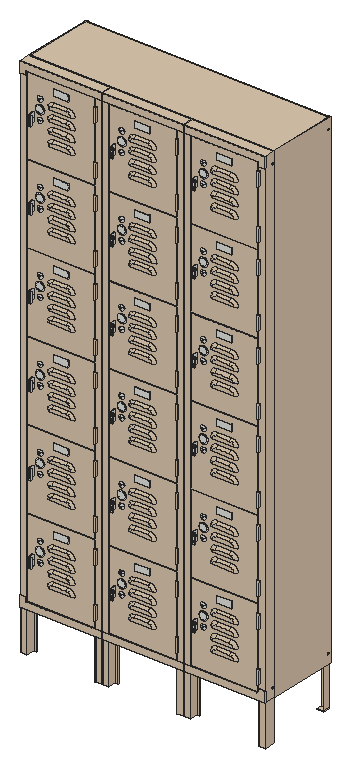
Revit family "Metal_Lockers-Salsbury_Industries-65000_66000_Series-3_Wide_Units", category Specialty Equipment, Revit 2023 (continued)
Definition of nested family "Metal Locker Zee Base - 3 Wide"
  Automatic sketch dimensions
    Extrusion 3 sketch curve to plane 17 "Back Edge of Rear Legs" = 0.060"
    Extrusion 3 sketch curve to plane 19 "Left Edge or Rear Left Leg" = 0.060"
    plane 17 "Back Edge of Rear Legs" to Extrusion 4 sketch curve = 0.000"
    Extrusion 4 sketch curve to plane 19 "Left Edge or Rear Left Leg" = 0.000"
    plane 20 to Extrusion 4 sketch curve = 0.000"
    Extrusion 4 sketch curve to plane 22 "Inside Edge or Left Rear Leg" = 0.000"
    Extrusion 5 sketch curve to plane 9 "Front of Unit" = 0.000"
    Extrusion 5 sketch curve to level = 0.000"
    Extrusion 5 sketch curve to plane 13 "Back Edge of Front Facing" = 0.000"
    plane 5 "Bottom of Unit" to Extrusion 5 sketch curve = 0.000"
    Extrusion 5 sketch curve to plane 13 "Back Edge of Front Facing" = 0.060"
    Extrusion 5 sketch curve to Extrusion 5 sketch curve = 1.588"
    level to Extrusion 5 sketch curve = 0.060"
    plane 5 "Bottom of Unit" to Extrusion 5 sketch curve = 0.060"
Definition of nested family "Metal Locker Zee Base-Right Side"
  Parameters (values of type "77578 Right - 18" D")
    Width including Rivet [instance] = 1.290"
    Visible = yes
    Primary Structure Material = none
    Depth = 16.362"
    Version = "1.0 (11/30/15)"
    Type Comments = "Zee Base Kit for Standard Metal Lockers - No Legs"
    Model = "77578"
    MasterFormat Title = ""
    MasterFormat Number = ""
    Manufacturer = "Salsbury Industries"
    Description = "4\" H x 6' L - for 12\" Deep Lockers (Includes 6 Foot Front Base, 2 End Bases, Corner Splicer and 4 Rear Legs)"
    Width = 4.000"
    Height = 4.000"
    Default Elevation = 0.000"
    Assembly Code = ""
  Types (4): name | Visible | Depth | Type Comments | Model | Description
    77572 Right - 12" D | yes | 10.362" | "Zee Base Kit for Standard Metal Lockers - No Legs" | "77572" | "4\" H x 6' L - for 12\" Deep Lockers (Includes 6 Foot Front Base, 2 End Bases, Corner Splicer and 4 Rear Legs)"
    77575 Right - 15" D | yes | 13.362" | "Zee Base Kit for Standard Metal Lockers - No Legs" | "77575" | "4\" H x 6' L - for 12\" Deep Lockers (Includes 6 Foot Front Base, 2 End Bases, Corner Splicer and 4 Rear Legs)"
    77578 Right - 18" D | yes | 16.362" | "Zee Base Kit for Standard Metal Lockers - No Legs" | "77578" | "4\" H x 6' L - for 12\" Deep Lockers (Includes 6 Foot Front Base, 2 End Bases, Corner Splicer and 4 Rear Legs)"
    None | no | 10.362" | "End Base for Standard Metal Lockers" | "" | ""
  Reference planes (in)
    plane 1 "Center (Front/Back)": y = 0
    plane 2: z = 0
    plane 3 "Center (Left/Right)": x = 3.99
    plane 4 "Floor": z = 0
    plane 5 "Top of Enclosure": z = 4
    plane 6 "Left Edge of Insert": x = 4.77
    plane 7 "Right Side of Unit": x = 5.99
    plane 8 "Left Edge of Enclosure": y = -8.181
    plane 9 "Right Edge of Enclosure": y = 8.181
    plane 10 "Bottom Edge of Enclosure": z = 0.06
    plane 11 "Left Edge of Base": x = 1.99
  Forms (in)
    Extrusion 1, solid, material <- "Primary Structure Material", visible <- "Visible"
      sketch origin (5.99, 0, 0) x (0, 0, -1) y (0, -1, 0)
        loop
          line (-4, 6.93967) -> (-4, -6.931) -> (-3.94, -6.931) -> (-3.94, 6.93967) -> (-4, 6.93967)
      from 0.06 to 1.22
    Extrusion 2, solid, material <- "Primary Structure Material", visible <- "Visible"
      sketch origin (0, 0, 0) x (0, -1, 0) y (1, 0, 0)
        loop
          line (-8.181, 1.99) -> (-8.121, 1.99) -> (-8.121, 5.93) -> (8.121, 5.93) -> (8.121, 1.99) -> (8.181, 1.99) -> (8.181, 5.99) -> (-8.181, 5.99) -> (-8.181, 1.99)
      from 0.06 to 4
  Dimensions and locks (in)
    "Height": plane 5 "Top of Enclosure" to plane 4 "Floor"
    equal spacing: plane 8 "Left Edge of Enclosure", plane 1 "Center (Front/Back)", plane 9 "Right Edge of Enclosure"
    "Depth": plane 8 "Left Edge of Enclosure" to plane 9 "Right Edge of Enclosure"
    "Width": plane 11 "Left Edge of Base" to plane 7 "Right Side of Unit"
    equal spacing: plane 11 "Left Edge of Base", plane 3 "Center (Left/Right)", plane 7 "Right Side of Unit"
    locked: plane 4 "Floor" to plane 10 "Bottom Edge of Enclosure" at 0.06
    aligned and locked: level to plane 2
    aligned and locked: plane 6 "Left Edge of Insert" to Extrusion 1
    aligned and locked: Extrusion 2 to plane 9 "Right Edge of Enclosure"
    aligned and locked: Extrusion 2 to plane 10 "Bottom Edge of Enclosure"
    aligned and locked: plane 11 "Left Edge of Base" to Extrusion 2
  Automatic sketch dimensions
    plane 5 "Top of Enclosure" to Extrusion 1 sketch curve = 0.000"
    Extrusion 1 sketch curve to Extrusion 1 sketch curve = 0.060"
    plane 9 "Right Edge of Enclosure" to Extrusion 1 sketch curve = 1.250"
    Extrusion 1 sketch curve to plane 8 "Left Edge of Enclosure" = 1.24133"
    Extrusion 2 sketch curve to plane 7 "Right Side of Unit" = 0.000"
    plane 9 "Right Edge of Enclosure" to Extrusion 2 sketch curve = 0.000"
    plane 6 "Left Edge of Insert" to Extrusion 2 sketch curve = 2.780"  (x2)
    Extrusion 2 sketch curve to Extrusion 2 sketch curve = 0.060"
    plane 7 "Right Side of Unit" to Extrusion 2 sketch curve = 0.060"
    Extrusion 2 sketch curve to plane 8 "Left Edge of Enclosure" = 0.060"
    Extrusion 2 sketch curve to plane 8 "Left Edge of Enclosure" = 0.000"
Definition of nested family "Metal Locker Zee Base-Left Side"
  Parameters (values of type "77572 Left - 12" D")
    Width including Rivet [instance] = 1.290"
    Visible = yes
    Primary Structure Material = none
    Depth = 10.362"
    Version = "1.0 (11/30/15)"
    Type Comments = "Zee Base Kit for Standard Metal Lockers - No Legs"
    Model = "77572"
    MasterFormat Title = ""
    MasterFormat Number = ""
    Manufacturer = "Salsbury Industries"
    Description = "4\" H x 6' L - for 12\" Deep Lockers (Includes 6 Foot Front Base, 2 End Bases, Corner Splicer and 4 Rear Legs)"
    Width = 4.000"
    Height = 4.000"
    Default Elevation = 0.000"
    Assembly Code = ""
  Types (4): name | Visible | Depth | Type Comments | Model | Description
    77572 Left - 12" D | yes | 10.362" | "Zee Base Kit for Standard Metal Lockers - No Legs" | "77572" | "4\" H x 6' L - for 12\" Deep Lockers (Includes 6 Foot Front Base, 2 End Bases, Corner Splicer and 4 Rear Legs)"
    77575 Left - 15" D | yes | 13.362" | "Zee Base Kit for Standard Metal Lockers - No Legs" | "77575" | "4\" H x 6' L - for 12\" Deep Lockers (Includes 6 Foot Front Base, 2 End Bases, Corner Splicer and 4 Rear Legs)"
    77578 Left- 18" D | yes | 16.362" | "Zee Base Kit for Standard Metal Lockers - No Legs" | "77578" | "4\" H x 6' L - for 12\" Deep Lockers (Includes 6 Foot Front Base, 2 End Bases, Corner Splicer and 4 Rear Legs)"
    None | no | 10.362" | "End Base for Standard Metal Lockers" | "" | ""
  Reference planes (in)
    plane 1 "Center (Front/Back)": y = 0
    plane 2: z = 0
    plane 3 "Center (Left/Right)": x = 3.99
    plane 4 "Floor": z = 0
    plane 5 "Top of Enclosure": z = 4
    plane 6 "Right Side of Unit": x = 5.99
    plane 7 "Left Edge of Enclosure": y = -5.181
    plane 8 "Right Edge of Enclosure": y = 5.181
    plane 9 "Bottom Edge of Enclosure": z = 0.06
    plane 10 "Left Edge of Base": x = 1.99
    plane 11 "Right Edge of Inser": x = 3.21
  Forms (in)
    Extrusion 1, solid, material <- "Primary Structure Material", visible <- "Visible"
      sketch origin (7.98, 0, 0) x (0, -1, 0) y (1, 0, 0)
        loop
          line (-5.181, -1.99) -> (-5.181, -5.99) -> (5.181, -5.99) -> (5.181, -1.99) -> (5.121, -1.99) -> (5.121, -5.93) -> (-5.121, -5.93) -> (-5.121, -1.99) -> (-5.181, -1.99)
      from 0.06 to 4
    Extrusion 2, solid, material <- "Primary Structure Material", visible <- "Visible"
      sketch origin (1.99, 0, 0) x (0, 0, -1) y (0, 1, 0)
        loop
          line (-4, -3.93967) -> (-3.94, -3.93967) -> (-3.94, 3.931) -> (-4, 3.931) -> (-4, -3.93967)
      from 0.06 to 1.22
  Dimensions and locks (in)
    "Height": plane 5 "Top of Enclosure" to plane 4 "Floor"
    equal spacing: plane 7 "Left Edge of Enclosure", plane 1 "Center (Front/Back)", plane 8 "Right Edge of Enclosure"
    "Depth": plane 7 "Left Edge of Enclosure" to plane 8 "Right Edge of Enclosure"
    "Width": plane 10 "Left Edge of Base" to plane 6 "Right Side of Unit"
    equal spacing: plane 10 "Left Edge of Base", plane 3 "Center (Left/Right)", plane 6 "Right Side of Unit"
    locked: plane 4 "Floor" to plane 9 "Bottom Edge of Enclosure" at 0.06
    aligned and locked: level to plane 2
    aligned and locked: plane 10 "Left Edge of Base" to Extrusion 1
  Automatic sketch dimensions
    plane 8 "Right Edge of Enclosure" to Extrusion 1 sketch curve = 0.000"
    Extrusion 1 sketch curve to plane 6 "Right Side of Unit" = 0.000"  (x2)
    plane 7 "Left Edge of Enclosure" to Extrusion 1 sketch curve = 0.000"
    Extrusion 1 sketch curve to plane 10 "Left Edge of Base" = 0.000"
    Extrusion 1 sketch curve to Extrusion 1 sketch curve = 0.060"
    plane 7 "Left Edge of Enclosure" to Extrusion 1 sketch curve = 0.060"
    plane 10 "Left Edge of Base" to Extrusion 1 sketch curve = 0.060"
    plane 5 "Top of Enclosure" to Extrusion 2 sketch curve = 0.000"
    Extrusion 2 sketch curve to Extrusion 2 sketch curve = 0.060"
    Extrusion 2 sketch curve to plane 7 "Left Edge of Enclosure" = 1.24133"
    plane 8 "Right Edge of Enclosure" to Extrusion 2 sketch curve = 1.250"
Definition of nested family "Metal Locker Zee Base Corner"
  Parameters (values of type "77572, 77575, 77578")
    Width = 2.000"
    Visible = yes
    Version = "1.0 (11/30/15)"
    Type Comments = "Zee Base Kit for Standard Metal Lockers - No Legs"
    Primary Structure Material = none
    Model = "n/a"
    Manufacturer = "Salsbury Industries"
    Height = 3.940"
    Description = "4\" H x 6' L - for 12\" Deep Lockers (Includes 6 Foot Front Base, 2 End Bases, Corner Splicer and 4 Rear Legs)"
    Depth = 2.000"
    Default Elevation = 0.000"
  Types (2): name | Visible
    77572, 77575, 77578 | yes
    None | no
  Reference planes (in)
    plane 1 "Center (Front/Back)": y = 0
    plane 2 "Bottom of Component": z = 0
    plane 3 "Center (Left/Right)": x = 0
    plane 4: z = 3.94
    plane 5: x = -1
    plane 6: x = 1
    plane 7 "Front": y = -1
    plane 8 "Back": y = 1
  Forms (in)
    Extrusion 1, solid, material <- "Primary Structure Material", visible <- "Visible"
      sketch origin (0, 0, 0) x (1, 0, 0) y (0, 1, 0)
        loop
          line (-1, 1) -> (-1, 0.94) -> (0.94, 0.94) -> (0.94, -1) -> (1, -1) -> (1, 1) -> (-1, 1)
      from 0 to 3.94
  Dimensions and locks (in)
    "Height": plane 4 to plane 2 "Bottom of Component"
    equal spacing: plane 5, plane 3 "Center (Left/Right)", plane 6
    "Width": plane 5 to plane 6
    equal spacing: plane 7 "Front", plane 1 "Center (Front/Back)", plane 8 "Back"
    "Depth": plane 7 "Front" to plane 8 "Back"
    aligned and locked: plane 2 "Bottom of Component" to level
  Automatic sketch dimensions
    Extrusion 1 sketch curve to plane 5 = 0.000"
    plane 7 "Front" to Extrusion 1 sketch curve = 0.000"
    Extrusion 1 sketch curve to plane 6 = 0.000"
    plane 8 "Back" to Extrusion 1 sketch curve = 0.000"
    plane 6 to Extrusion 1 sketch curve = 0.060"
    Extrusion 1 sketch curve to Extrusion 1 sketch curve = 0.060"
Definition of nested family "Metal Locker End Panel"
  Parameters (values of type "77362 - for 6' H x 12" D Lockers")
    Width = 0.925"
    Visible = yes
    Version = "1.0 (11/30/15)"
    Type Comments = "Finished End Panel for Standard Metal Lockers"
    Primary Structure Material = none
    Model = "77362"
    MasterFormat Title = ""
    MasterFormat Number = ""
    Manufacturer = "Salsbury Industries"
    Height = 72.000"
    Description = "End Panel for 6' H x 12\" Deep Lockers"
    Depth = 12.010"
    Default Elevation = 0.000"
    Assembly Code = ""
  Types (7): name | Visible | Model | Height | Description | Depth
    77362 - for 6' H x 12" D Lockers | yes | "77362" | 72.000" | "End Panel for 6' H x 12\" Deep Lockers" | 12.010"
    77365 - for 6' H x 15" D Lockers | yes | "77365" | 72.000" | "End Panel for 6' H x 15\" Deep Lockers" | 15.010"
    77368 - for 6' H X 18" D Lockers | yes | "77368" | 72.000" | "End Panel for 6' H x 18\" Deep Lockers" | 18.010"
    77352 - for 5' H x 12" D Lockers | yes | "77352" | 60.000" | "End Panel for 5' H x 12\" Deep Lockers" | 12.010"
    77355 - for 5' H x 15" D Lockers | yes | "77355" | 60.000" | "End Panel for 5' H x 15\" Deep Lockers" | 15.010"
    77358 - for 5' H x 18" D Lockers | yes | "77358" | 60.000" | "End Panel for 5' H x 18\" Deep Lockers" | 18.010"
    None | no | "n/a" | 72.000" | "" | 12.010"
  Reference planes (in)
    plane 1 "Center (Front/Back)": y = -2.167
    plane 2: z = 0
    plane 3 "Center (Left/Right)": x = -4.595
    plane 4 "Bottom of Panel": z = 0
    plane 5 "Top of Panel": z = 72
    plane 6 "Front of Panel": y = -8.172
    plane 7 "Right Side of Enclosure": x = -4.1325
    plane 8 "Left Side of Enclosure": x = -5.0575
    plane 9 "Back of Panel": y = 3.838
    plane 10: z = 36
    plane 11: z = 70.283
    plane 12: z = 1.717
    plane 13 "Outside Edge of Front Flap": y = -8.23214
    plane 14 "Outside Edge of Back Flap": y = 3.898
  Forms (in)
    Extrusion 1, solid, material <- "Primary Structure Material", visible <- "Visible"
      sketch origin (-4.1325, 0.48244, 0) x (0, 0, -1) y (0, -1, 0)
        loop
          line (-72, 8.71458) -> (-72, -3.41556) -> (0, -3.41556) -> (0, 8.71458) -> (-72, 8.71458)
      from 0 to -0.06
    Extrusion 2, solid, material <- "Primary Structure Material", visible <- "Visible"
      sketch origin (0, 3.838, 0) x (0, 0, -1) y (1, 0, 0)
        loop
          line (-72, -5.0575) -> (0, -5.0575) -> (0, -4.1325) -> (-72, -4.1325) -> (-72, -5.0575)
      from 0 to -0.06
    Extrusion 3, solid, material <- "Primary Structure Material", visible <- "Visible"
      sketch origin (0, -8.172, 0) x (1, 0, 0) y (0, 0, 1)
        loop
          line (-5.0575, 70.283) -> (-5.0575, 1.717) -> (-4.1325, 1.717) -> (-4.1325, 70.283) -> (-5.0575, 70.283)
      from 0.06014 to 0
  Dimensions and locks (in)
    equal spacing: plane 6 "Front of Panel", plane 1 "Center (Front/Back)", plane 9 "Back of Panel"
    "Depth": plane 6 "Front of Panel" to plane 9 "Back of Panel"
    equal spacing: plane 8 "Left Side of Enclosure", plane 3 "Center (Left/Right)", plane 7 "Right Side of Enclosure"
    "Width": plane 8 "Left Side of Enclosure" to plane 7 "Right Side of Enclosure"
    equal spacing: plane 5 "Top of Panel", plane 10, plane 2
    "Height": plane 5 "Top of Panel" to plane 2
    locked: plane 5 "Top of Panel" to plane 11 at 1.717
    locked: plane 13 "Outside Edge of Front Flap" to plane 6 "Front of Panel" at 0.06014
    locked: plane 9 "Back of Panel" to plane 14 "Outside Edge of Back Flap" at 0.06
    aligned and locked: level to plane 2
    aligned and locked: plane 5 "Top of Panel" to Extrusion 1 sketch curve
    aligned and locked: plane 5 "Top of Panel" to Extrusion 2 sketch curve
    aligned and locked: Extrusion 2 to plane 9 "Back of Panel"
    aligned and locked: plane 11 to Extrusion 3 sketch curve
    aligned and locked: plane 6 "Front of Panel" to Extrusion 3
    aligned and locked: plane 14 "Outside Edge of Back Flap" to Extrusion 2
    aligned and locked: Extrusion 1 to plane 14 "Outside Edge of Back Flap"
    aligned and locked: plane 13 "Outside Edge of Front Flap" to Extrusion 3
    aligned and locked: Extrusion 2 to plane 7 "Right Side of Enclosure"
    aligned and locked: Extrusion 3 to plane 7 "Right Side of Enclosure"
  Automatic sketch dimensions
    Extrusion 1 sketch curve to level = 0.000"
    Extrusion 2 sketch curve to level = 0.000"
    plane 8 "Left Side of Enclosure" to Extrusion 2 sketch curve = 0.000"
    plane 7 "Right Side of Enclosure" to Extrusion 2 sketch curve = 0.000"
    plane 8 "Left Side of Enclosure" to Extrusion 3 sketch curve = 0.000"
    Extrusion 3 sketch curve to plane 12 = 0.000"
    plane 7 "Right Side of Enclosure" to Extrusion 3 sketch curve = 0.000"
    Extrusion 1 sketch curve to plane 14 "Outside Edge of Back Flap" = 0.000"
    plane 6 "Front of Panel" to Extrusion 1 sketch curve = 0.06014"
Definition of nested family "Metal Locker Front Filler"
  Parameters (values of type "77869 - for 6' H Lockers (Zee Base or No Legs)")
    Width = 9.000"
    Visible = yes
    Version = "1.0 (11/30/15)"
    Type Comments = "Vertical Front Filler for Standard Metal Lockers"
    Primary Structure Material = none
    Model = "77865"
    MasterFormat Title = ""
    MasterFormat Number = ""
    Manufacturer = "Salsbury Industries"
    Height = 72.000"
    Description = "9\" W Vertical Front Filler for 6' H Lockers"
    Depth = 1.500"
    Default Elevation = 0.000"
    Assembly Code = ""
  Types (9): name | Width | Visible | Model | Height | Description | Depth
    77865 - for 6' H Lockers with Legs | 15.000" | yes | "77865" | 78.000" | "15\" W Vertical Front Filler for 6' H Lockers" | 1.000"
    77869 - for 6' H Lockers with Legs | 9.000" | yes | "77865" | 78.000" | "9\" W Vertical Front Filler for 6' H Lockers" | 1.000"
    77855 - for 5' H Lockers with Legs | 15.000" | yes | "77855" | 66.000" | "15\" W Vertical Front Filler for 5' H Lockers" | 1.000"
    77859 - for 5' H Lockers with Legs | 9.000" | yes | "77859" | 66.000" | "9\" W Vertical Front Filler for 5' H Lockers" | 1.000"
    None | 15.000" | no | "n/a" | 78.000" | "" | 1.500"
    77865 - for 6' H Lockers (Zee Base or No Legs) | 15.000" | yes | "77865" | 72.000" | "15\" W Vertical Front Filler for 6' H Lockers" | 1.000"
    77869 - for 6' H Lockers (Zee Base or No Legs) | 9.000" | yes | "77865" | 72.000" | "9\" W Vertical Front Filler for 6' H Lockers" | 1.500"
    77859 - for 5' H Lockers (Zee Base or No Legs) | 9.000" | yes | "77859" | 60.000" | "9\" W Vertical Front Filler for 5' H Lockers" | 1.000"
    77855 - for 5' H Lockers (Zee Base or No Legs) | 15.000" | yes | "77855" | 60.000" | "15\" W Vertical Front Filler for 5' H Lockers" | 1.000"
  Reference planes (in)
    plane 1 "Center (Front/Back)": y = -2.167
    plane 2: z = 0
    plane 3 "Center (Left/Right)": x = -4.595
    plane 4 "Bottom of Filler": z = 0
    plane 5 "Top of Panel": z = 72
    plane 6 "Front of Filler": y = -2.917
    plane 7 "Right Side of Filler": x = -0.095
    plane 8 "Left Side of Filler": x = -9.095
    plane 9 "Back of Filler": y = -1.417
    plane 10: z = 36
  Forms (in)
    Extrusion 1, solid, material <- "Primary Structure Material", visible <- "Visible"
      sketch origin (0, 0, 0) x (0, -1, 0) y (1, 0, 0)
        loop
          line (1.417, -9.095) -> (2.917, -9.095) -> (2.917, -1.095) -> (2.869, -1.095) -> (2.869, -9.047) -> (1.417, -9.047) -> (1.417, -9.095)
      from 0 to 72
    Extrusion 2, solid, material <- "Primary Structure Material", visible <- "Visible"
      sketch origin (0, -0.20425, 0) x (0, -1, 0) y (1, 0, 0)
        loop
          line (1.30875, -0.095) -> (1.30875, -0.143) -> (2.76075, -0.143) -> (2.76075, -1.595) -> (2.80875, -1.595) -> (2.80875, -0.095) -> (1.30875, -0.095)
      from 0 to 72
    Extrusion 3, solid, material <- "Primary Structure Material", visible <- "Visible"
      sketch origin (0, 0.10825, 0) x (0, -1, 0) y (1, 0, 0)
        loop
          line (3.07325, -1.595) -> (3.07325, -0.82524) -> (3.02525, -0.82524) -> (3.02525, -1.376) -> (3.02525, -1.449) -> (3.02525, -1.522) -> (3.02525, -1.595) -> (3.07325, -1.595)
      from 0 to 72
    Extrusion 4, solid, material <- "Primary Structure Material", visible <- "Visible"
      sketch origin (0, 0, 0) x (0, -1, 0) y (1, 0, 0)
        loop
          line (2.917, -0.82524) -> (2.821, -0.82524) -> (2.821, -1.80024) -> (2.869, -1.80024) -> (2.869, -0.87324) -> (2.917, -0.87324) -> (2.917, -0.82524)
      from 0 to 72
  Dimensions and locks (in)
    equal spacing: plane 6 "Front of Filler", plane 1 "Center (Front/Back)", plane 9 "Back of Filler"
    "Depth": plane 6 "Front of Filler" to plane 9 "Back of Filler"
    equal spacing: plane 8 "Left Side of Filler", plane 3 "Center (Left/Right)", plane 7 "Right Side of Filler"
    "Width": plane 8 "Left Side of Filler" to plane 7 "Right Side of Filler"
    equal spacing: plane 5 "Top of Panel", plane 10, plane 2
    "Height": plane 5 "Top of Panel" to plane 2
    aligned and locked: level to plane 2
    aligned and locked: Extrusion 1 to plane 5 "Top of Panel"
    aligned and locked: Extrusion 2 to plane 5 "Top of Panel"
    aligned and locked: Extrusion 3 to plane 5 "Top of Panel"
    aligned and locked: Extrusion 4 to plane 5 "Top of Panel"
  Automatic sketch dimensions
    plane 9 "Back of Filler" to Extrusion 1 sketch curve = 0.000"
    plane 6 "Front of Filler" to Extrusion 1 sketch curve = 0.000"
    Extrusion 1 sketch curve to plane 8 "Left Side of Filler" = 0.000"
    Extrusion 1 sketch curve to plane 6 "Front of Filler" = 0.048"
    Extrusion 1 sketch curve to Extrusion 1 sketch curve = 0.048"
    plane 7 "Right Side of Filler" to Extrusion 1 sketch curve = 1.000"
    Extrusion 2 sketch curve to plane 7 "Right Side of Filler" = 0.000"
    plane 7 "Right Side of Filler" to Extrusion 2 sketch curve = 0.048"
    plane 9 "Back of Filler" to Extrusion 2 sketch curve = 0.096"
    plane 6 "Front of Filler" to Extrusion 2 sketch curve = 0.048"
    Extrusion 2 sketch curve to Extrusion 2 sketch curve = 0.048"
    Extrusion 2 sketch curve to Extrusion 2 sketch curve = 1.452"
    plane 6 "Front of Filler" to Extrusion 3 sketch curve = 0.000"
    plane 7 "Right Side of Filler" to Extrusion 3 sketch curve = 1.500"
    Extrusion 3 sketch curve to Extrusion 3 sketch curve = 0.073"  (x3)
    Extrusion 3 sketch curve to Extrusion 3 sketch curve = 0.55076"
    Extrusion 3 sketch curve to Extrusion 3 sketch curve = 0.048"
    plane 6 "Front of Filler" to Extrusion 4 sketch curve = 0.000"
    Extrusion 4 sketch curve to plane 6 "Front of Filler" = 0.048"
    Extrusion 4 sketch curve to Extrusion 4 sketch curve = 0.048"  (x2)
    plane 7 "Right Side of Filler" to Extrusion 4 sketch curve = 1.70524"
    plane 7 "Right Side of Filler" to Extrusion 4 sketch curve = 0.77824"
Definition of nested family "Metal Locker Flat Top Filler"
  Parameters (values of type "77842 - for 12" Deep Lockers (15" W)")
    Width = 16.250"
    Visible = yes
    Version = "1.0 (11/30/15)"
    Type Comments = "Flat Top Filler for Standard Metal Lockers"
    Primary Structure Material = none
    Model = "77842"
    MasterFormat Title = ""
    MasterFormat Number = ""
    Manufacturer = "Salsbury Industries"
    Height = 1.003"
    Description = "15\"W Flat Top In-Line Filler"
    Depth = 12.118"
    Default Elevation = 0.000"
    Assembly Code = ""
  Types (7): name | Width | Visible | Model | Depth
    77842 - for 12" Deep Lockers (15" W) | 16.250" | yes | "77842" | 12.118"
    77842 - for 12" Deep Lockers (9" W) | 10.250" | yes | "77842" | 12.118"
    77845 - for 15" Deep Lockers (15" W) | 16.250" | yes | "77845" | 15.118"
    77845 - for 15" Deep Lockers (9" W) | 10.250" | yes | "77845" | 15.118"
    77848 - for 18" Deep Lockers (15" W) | 16.250" | yes | "77848" | 18.118"
    77848 - for 18" Deep Lockers (9" W) | 10.250" | yes | "77848" | 18.118"
    None | 16.250" | no | "" | 12.118"
  Reference planes (in)
    plane 1 "Center (Front/Back)": y = -2.167
    plane 2: z = 0
    plane 3 "Center (Left/Right)": x = -4.595
    plane 4 "Bottom of Panel": z = 0
    plane 5 "Top of Panel": z = 1.003
    plane 6 "Front of Panel": y = -8.226
    plane 7 "Right Side of Enclosure": x = 3.53
    plane 8 "Left Side of Enclosure": x = -12.72
    plane 9 "Back of Panel": y = 3.892
    plane 10: z = 0.5015
  Forms (in)
    Extrusion 1, solid, material <- "Primary Structure Material", visible <- "Visible"
      sketch origin (-4.595, 0, 0) x (0, 1, 0) y (0, 0, 1)
        loop
          line (-8.226, 0) -> (-8.178, 0) -> (-8.178, 0.955) -> (3.892, 0.955) -> (3.892, 1.003) -> (-8.226, 1.003) -> (-8.226, 0)
      from -8.125 to 8.125
  Dimensions and locks (in)
    equal spacing: plane 6 "Front of Panel", plane 1 "Center (Front/Back)", plane 9 "Back of Panel"
    "Depth": plane 6 "Front of Panel" to plane 9 "Back of Panel"
    equal spacing: plane 8 "Left Side of Enclosure", plane 3 "Center (Left/Right)", plane 7 "Right Side of Enclosure"
    "Width": plane 8 "Left Side of Enclosure" to plane 7 "Right Side of Enclosure"
    equal spacing: plane 5 "Top of Panel", plane 10, plane 2
    "Height": plane 5 "Top of Panel" to plane 2
    aligned and locked: level to plane 2
    aligned and locked: Extrusion 1 to plane 7 "Right Side of Enclosure"
    aligned and locked: plane 8 "Left Side of Enclosure" to Extrusion 1
    aligned and locked: plane 6 "Front of Panel" to Extrusion 1
    aligned and locked: Extrusion 1 to plane 9 "Back of Panel"
  Automatic sketch dimensions
    plane 5 "Top of Panel" to Extrusion 1 sketch curve = 0.000"
    Extrusion 1 sketch curve to plane 6 "Front of Panel" = 0.000"
    Extrusion 1 sketch curve to level = 0.000"
    Extrusion 1 sketch curve to plane 9 "Back of Panel" = 0.000"
    Extrusion 1 sketch curve to plane 6 "Front of Panel" = 0.048"
    plane 5 "Top of Panel" to Extrusion 1 sketch curve = 0.048"
Definition of nested family "Metal Locker Flat Corner Filler"
  Parameters (values of type "77832 - for 12" Deep Lockers")
    Width = 12.625"
    Visible = yes
    Version = "1.0 (11/30/15)"
    Type Comments = "Flat Top Corner Filler for Standard Metal Lockers"
    Primary Structure Material = none
    Model = "77832"
    MasterFormat Title = ""
    MasterFormat Number = ""
    Manufacturer = "Salsbury Industries"
    Height = 0.048"
    Description = "12\"W Flat Top Corner Filler"
    Depth = 12.625"
    Default Elevation = 0.000"
    Assembly Code = ""
  Types (4): name | Width | Visible | Model | Description | Depth
    77832 - for 12" Deep Lockers | 12.625" | yes | "77832" | "12\"W Flat Top Corner Filler" | 12.625"
    77835 - for 15" Deep Lockers | 15.625" | yes | "77835" | "15\"W Flat Top Corner Filler" | 15.625"
    77838 - for 18" Deep Lockers | 18.625" | yes | "77838" | "18\"W Flat Top Corner Filler" | 18.625"
    None | 12.625" | no | "" | "" | 12.625"
  Reference planes (in)
    plane 1 "Center (Front/Back)": y = -2.167
    plane 2: z = 0
    plane 3 "Center (Left/Right)": x = -4.595
    plane 4 "Bottom of Panel": z = 0
    plane 5 "Top of Panel": z = 0.048
    plane 6 "Front of Panel": y = -8.4795
    plane 7 "Right Side of Enclosure": x = 1.7175
    plane 8 "Left Side of Enclosure": x = -10.9075
    plane 9 "Back of Panel": y = 4.1455
    plane 10: z = 0.024
  Forms (in)
    Extrusion 1, solid, material <- "Primary Structure Material", visible <- "Visible"
      sketch origin (0, 0, 0) x (0, -1, 0) y (1, 0, 0)
        loop
          line (7.8545, -10.9075) -> (7.8545, -10.2825) -> (8.4795, -10.2825) -> (8.4795, 1.7175) -> (-4.1455, 1.7175) -> (-4.1455, -10.9075) -> (7.8545, -10.9075)
      from 0 to 0.048
  Dimensions and locks (in)
    equal spacing: plane 6 "Front of Panel", plane 1 "Center (Front/Back)", plane 9 "Back of Panel"
    "Depth": plane 6 "Front of Panel" to plane 9 "Back of Panel"
    equal spacing: plane 8 "Left Side of Enclosure", plane 3 "Center (Left/Right)", plane 7 "Right Side of Enclosure"
    "Width": plane 8 "Left Side of Enclosure" to plane 7 "Right Side of Enclosure"
    equal spacing: plane 5 "Top of Panel", plane 10, plane 2
    "Height": plane 5 "Top of Panel" to plane 2
    aligned and locked: level to plane 2
    aligned and locked: Extrusion 1 to plane 9 "Back of Panel"
    aligned and locked: plane 6 "Front of Panel" to Extrusion 1
    aligned and locked: Extrusion 1 to plane 7 "Right Side of Enclosure"
    aligned and locked: plane 8 "Left Side of Enclosure" to Extrusion 1
  Automatic sketch dimensions
    Extrusion 1 sketch curve to plane 8 "Left Side of Enclosure" = 0.000"
    plane 9 "Back of Panel" to Extrusion 1 sketch curve = 0.000"
    plane 6 "Front of Panel" to Extrusion 1 sketch curve = 0.000"
    Extrusion 1 sketch curve to plane 7 "Right Side of Enclosure" = 0.000"
    Extrusion 1 sketch curve to plane 8 "Left Side of Enclosure" = 0.625"
    Extrusion 1 sketch curve to plane 6 "Front of Panel" = 0.625"
Definition of nested family "Metal Locker Sloping Top Filler"
  Parameters (values of type "77882 - for 12" Deep Lockers (15" W)")
    Width = 16.250"
    Visible = yes
    Version = "1.0 (11/30/15)"
    Type Comments = "Sloping Hood In-Line Filler for Standard Metal Lockers"
    Slope Angle = 28.761°
    Primary Structure Material = none
    Model = "77882"
    MasterFormat Title = ""
    MasterFormat Number = ""
    Manufacturer = "Salsbury Industries"
    Height = 1.003"
    Description = "15\"W Sloping Hood In-Line Filler"
    Depth = 12.118"
    Default Elevation = 0.000"
    Assembly Code = ""
  Types (7): name | Width | Visible | Type Comments | Slope Angle | Model | Description | Depth
    77882 - for 12" Deep Lockers (15" W) | 16.250" | yes | "Sloping Hood In-Line Filler for Standard Metal Lockers" | 28.761° | "77882" | "15\"W Sloping Hood In-Line Filler" | 12.118"
    77882 - for 12" Deep Lockers (9" W) | 10.250" | yes | "Sloping Hood In-Line Filler for Standard Metal Lockers" | 28.761° | "77882" | "15\"W Sloping Hood In-Line Filler" | 12.118"
    77885 - for 15" Deep Lockers (15" W) | 16.250" | yes | "Sloping Hood In-Line Filler for Standard Metal Lockers" | 29.946° | "77885" | "15\"W Sloping Hood In-Line Filler" | 15.118"
    77885 - for 15" Deep Lockers (9" W) | 10.250" | yes | "Sloping Hood In-Line Filler for Standard Metal Lockers" | 29.946° | "77885" | "15\"W Sloping Hood In-Line Filler" | 15.118"
    77888 - for 18" Deep Lockers (15" W) | 16.250" | yes | "Sloping Hood In-Line Filler for Standard Metal Lockers" | 30.723° | "77888" | "15\"W Sloping Hood In-Line Filler" | 18.118"
    77888 - for 18" Deep Lockers (9" W) | 10.250" | yes | "Sloping Hood In-Line Filler for Standard Metal Lockers" | 30.723° | "77888" | "15\"W Sloping Hood In-Line Filler" | 18.118"
    None | 16.250" | no | "Sloping Hood for Standard Metal Lockers" | 28.761° | "" | "" | 12.118"
  Reference planes (in)
    plane 1 "Center (Front/Back)": y = -2.167
    plane 2: z = 0
    plane 3 "Center (Left/Right)": x = -4.595
    plane 4 "Bottom of Panel": z = 0
    plane 5 "Top of Panel": z = 1.003
    plane 6 "Front of Panel": y = -8.226
    plane 7 "Right Side of Enclosure": x = 3.53
    plane 8 "Left Side of Enclosure": x = -12.72
    plane 9 "Back of Panel": y = 3.892
    plane 10: z = 0.5015
    plane 11: through (0, -7.6072, 0.33964) normal (0, -0.4812, 0.8766)
    plane 12: through (0, -7.72698, 0.21914) normal (0, -0.4812, 0.8766)
  Forms (in)
    Extrusion 1, solid, material <- "Primary Structure Material", visible <- "Visible"
      sketch origin (-4.595, 0, 0) x (0, 1, 0) y (0, 0, 1)
        loop
          line (3.892, 6.65119) -> (-8.226, 0) -> (-8.226, -1.028) -> (-8.178, -1.028) -> (-8.178, -0.02841) -> (3.892, 6.59643) -> (3.892, 6.65119)
      from -8.125 to 8.125
  Dimensions and locks (in)
    equal spacing: plane 6 "Front of Panel", plane 1 "Center (Front/Back)", plane 9 "Back of Panel"
    "Depth": plane 6 "Front of Panel" to plane 9 "Back of Panel"
    equal spacing: plane 8 "Left Side of Enclosure", plane 3 "Center (Left/Right)", plane 7 "Right Side of Enclosure"
    "Width": plane 8 "Left Side of Enclosure" to plane 7 "Right Side of Enclosure"
    equal spacing: plane 5 "Top of Panel", plane 10, plane 2
    "Height": plane 5 "Top of Panel" to plane 2
    locked: plane 11 to plane 12 at 0.048
    "Slope Angle": angle plane 4 "Bottom of Panel" to plane 11
    aligned and locked: level to plane 2
    aligned and locked: plane 11 to Extrusion 1 sketch curve
    aligned and locked: plane 12 to Extrusion 1 sketch curve
    aligned and locked: Extrusion 1 to plane 7 "Right Side of Enclosure"
    aligned and locked: plane 8 "Left Side of Enclosure" to Extrusion 1
  Automatic sketch dimensions
    Extrusion 1 sketch curve to plane 6 "Front of Panel" = 0.000"
    Extrusion 1 sketch curve to Extrusion 1 sketch curve = 0.99959"
    Extrusion 1 sketch curve to level = 0.02841"
    Extrusion 1 sketch curve to plane 9 "Back of Panel" = 0.000"
Definition of nested family "Metal Locker Sloping Corner Filler"
  Parameters (values of type "77872 - for 12" Deep Lockers")
    Width = 12.695"
    Visible = yes
    Version = "1.0 (11/30/15)"
    Type Comments = "Sloping Hood Corner Filler for Standard Metal Lockers"
    Slope Angle 2 = 28.761°
    Slope Angle 1 = 28.761°
    Primary Structure Material = none
    Model = "77872"
    MasterFormat Title = ""
    MasterFormat Number = ""
    Manufacturer = "Salsbury Industries"
    Height = 6.87897"
    Description = "12\"D Sloping Hood Corner Filler"
    Depth = 12.695"
    Default Elevation = 0.000"
    Assembly Code = ""
  Types (4): name | Width | Visible | Slope Angle 2 | Slope Angle 1 | Model | Description | Depth
    77872 - for 12" Deep Lockers | 12.695" | yes | 28.761° | 28.761° | "77872" | "12\"D Sloping Hood Corner Filler" | 12.695"
    77875 - for 15" Deep Lockers | 15.695" | yes | 29.946° | 29.946° | "77875" | "15\"D Sloping Hood Corner Filler" | 15.695"
    77878 - for 18" Deep Lockers | 18.695" | yes | 30.723° | 30.723° | "77878" | "18\"D Sloping Hood Corner Filler" | 18.695"
    None | 12.695" | no | 28.723° | 28.723° | "" | "" | 12.695"
  Reference planes (in)
    plane 1 "Center (Front/Back)": y = -2.167
    plane 2: z = 0
    plane 3 "Center (Left/Right)": x = -4.595
    plane 4 "Bottom of Panel": z = 0
    plane 5 "Top of Panel": z = 6.87897
    plane 6 "Front of Panel": y = -8.5145
    plane 7 "Right Side of Enclosure": x = 1.7525
    plane 8 "Left Side of Enclosure": x = -10.9425
    plane 9 "Back of Panel": y = 4.1805
    plane 10 "Center Top/Bottom": z = 3.43948
    plane 11 "Slope 1": through (0, -7.42276, 0.59922) normal (0, -0.4812, 0.8766)
    plane 12: through (0, -7.54254, 0.47872) normal (0, -0.4812, 0.8766)
    plane 13 "Diagonal Plane": through (-10.86131, 4.09969, 48) normal (0.7071, 0.7071, 0)
    plane 14 "Cutout Plane 1": y = -7.8895
    plane 15 "Cutout Plane 2": x = 1.1275
    plane 16 "Slope 2": through (1.43902, -180, 0.17206) normal (-0.4812, 0, -0.8766)
    plane 17: through (5.04554, -180, -1.86199) normal (-0.4812, 0, -0.8766)
  Forms (in)
    Extrusion 1, solid, material <- "Primary Structure Material", visible <- "Visible"
      sketch origin (-4.595, 0, 0) x (0, 1, 0) y (0, 0, 1)
        loop
          line (-7.8895, 0.28829) -> (4.1805, 6.91313) -> (4.1805, 6.96789) -> (-7.8895, 0.34304) -> (-7.8895, 0.28829)
      from -6.3475 to 6.3475
    Extrusion 2, void
      sketch origin (0, 0, 3.43948) x (1, 0, 0) y (0, 1, 0)
        loop
          line (1.75288, -8.5145) -> (-10.9425, 4.18088) -> (-10.9425, -8.5145) -> (1.75288, -8.5145)
      from -3.43948 to 8.2673
    Extrusion 3, solid, material <- "Primary Structure Material", visible <- "Visible"
      sketch origin (0, -2.167, 0) x (1, 0, 0) y (0, 0, 1)
        loop
          line (1.1275, 0.2885) -> (1.1275, 0.34304) -> (-10.9425, 6.96789) -> (-10.9425, 6.91334) -> (1.1275, 0.2885)
      from -6.3475 to 6.3475
    Extrusion 4, void
      sketch origin (-4.595, 0, 0) x (0, 1, 0) y (0, 0, 1)
        loop
          line (4.1805, 0) -> (4.1805, 6.91313) -> (-8.41474, 0) -> (4.1805, 0)
      from -6.3475 to 6.3475
    Extrusion 5, solid, not visible
      sketch origin (1.1275, 0, 0) x (0, -1, 0) y (0, 0, 1)
        loop
          line (8.60982, 0.2885) -> (7.8895, 0.2885) -> (7.8895, 0) -> (8.60982, 0) -> (8.60982, 0.2885)
      from -0.72026 to 0
  Cuts and joins
    Extrusion 2, Extrusion 4 cuts Extrusion 1
    Extrusion 4 cuts Extrusion 3
  Dimensions and locks (in)
    equal spacing: plane 6 "Front of Panel", plane 1 "Center (Front/Back)", plane 9 "Back of Panel"
    "Depth": plane 6 "Front of Panel" to plane 9 "Back of Panel"
    equal spacing: plane 8 "Left Side of Enclosure", plane 3 "Center (Left/Right)", plane 7 "Right Side of Enclosure"
    "Width": plane 8 "Left Side of Enclosure" to plane 7 "Right Side of Enclosure"
    equal spacing: plane 5 "Top of Panel", plane 10 "Center Top/Bottom", plane 2
    "Height": plane 5 "Top of Panel" to plane 2
    locked: plane 11 "Slope 1" to plane 12 at 0.048
    locked: plane 15 "Cutout Plane 2" to plane 7 "Right Side of Enclosure" at 0.625
    locked: plane 6 "Front of Panel" to plane 14 "Cutout Plane 1" at 0.625
    locked: plane 17 to plane 16 "Slope 2" at 0.04782
    "Slope Angle 1": angle plane 4 "Bottom of Panel" to plane 11 "Slope 1"
    "Slope Angle 2": angle plane 16 "Slope 2" to plane 4 "Bottom of Panel"
    aligned and locked: level to plane 2
    aligned and locked: Extrusion 1 sketch curve to plane 14 "Cutout Plane 1"
    aligned and locked: plane 9 "Back of Panel" to Extrusion 1 sketch curve
    aligned and locked: Extrusion 1 sketch curve to plane 11 "Slope 1"
    aligned and locked: plane 12 to Extrusion 1 sketch curve
    aligned and locked: plane 8 "Left Side of Enclosure" to Extrusion 1
    aligned and locked: Extrusion 1 to plane 7 "Right Side of Enclosure"
    aligned and locked: plane 6 "Front of Panel" to Extrusion 2 sketch curve
    aligned and locked: plane 8 "Left Side of Enclosure" to Extrusion 2 sketch curve
    aligned and locked: plane 13 "Diagonal Plane" to Extrusion 2 sketch curve
    aligned and locked: plane 4 "Bottom of Panel" to cut or joined group of Extrusion 1, Extrusion 2, Extrusion 4
    aligned and locked: Extrusion 4 sketch curve to level
    aligned and locked: Extrusion 4 sketch curve to plane 9 "Back of Panel"
    aligned and locked: plane 12 to Extrusion 4 sketch curve
    aligned and locked: Extrusion 4 to plane 7 "Right Side of Enclosure"
    aligned and locked: plane 8 "Left Side of Enclosure" to Extrusion 4
    aligned and locked: cut or joined group of Extrusion 3, Extrusion 4 to plane 15 "Cutout Plane 2"
    aligned and locked: plane 6 "Front of Panel" to cut or joined group of Extrusion 3, Extrusion 4
    aligned and locked: cut or joined group of Extrusion 3, Extrusion 4 to plane 9 "Back of Panel"
    aligned and locked: Extrusion 3 sketch curve to plane 15 "Cutout Plane 2"
    aligned and locked: Extrusion 3 sketch curve to plane 16 "Slope 2"
    aligned and locked: plane 8 "Left Side of Enclosure" to Extrusion 3 sketch curve
    aligned and locked: plane 17 to Extrusion 3 sketch curve
  Automatic sketch dimensions
    Extrusion 5 sketch curve to plane 14 "Cutout Plane 1" = 0.000"
    Extrusion 5 sketch curve to level = 0.000"
    plane 6 "Front of Panel" to Extrusion 5 sketch curve = 0.09532"
    Extrusion 5 sketch curve to Extrusion 5 sketch curve = 0.2885"
Definition of nested family "Metal Locker Sloping Hood"
  Parameters (values of type "77752 - for 12" Deep Lockers (1 Wide)")
    Width = 12.040"
    Visible = yes
    Version = "1.0 (11/30/15)"
    Type Comments = "Sloping Hood for Standard Metal Lockers"
    Slope Angle = 28.761°
    Primary Structure Material = none
    Model = "77752"
    MasterFormat Title = ""
    MasterFormat Number = ""
    Manufacturer = "Salsbury Industries"
    Height = 6.625"
    Dividing Lines = no
    Description = "12\" Deep for up to (3) 12\" Wide Lockers"
    Depth = 12.070"
    Default Elevation = 0.000"
    Assembly Code = ""
  Types (12): name | Width | Visible | Slope Angle | Model | Height | Dividing Lines | Description | Depth
    77752 - for 12" Deep Lockers (1 Wide) | 12.040" | yes | 28.761° | "77752" | 6.625" | no | "12\" Deep for up to (3) 12\" Wide Lockers" | 12.070"
    77752 - for 12" Deep Lockers (3 Wide) | 36.040" | yes | 28.761° | "77752" | 6.625" | yes | "12\" Deep for up to (3) 12\" Wide Lockers" | 12.070"
    77755 - for 15" Deep Lockers (1 Wide) | 12.040" | yes | 29.946° | "77755" | 8.682" | no | "15\" Deep for up to (3) 12\" Wide Lockers" | 15.070"
    77755 - for 15" Deep Lockers (3 Wide) | 36.040" | yes | 29.946° | "77755" | 8.628" | yes | "15\" Deep for up to (3) 12\" Wide Lockers" | 15.070"
    77758 - for 18" Deep Lockers (1 Wide) | 12.040" | yes | 30.723° | "77758" | 10.739" | no | "18\" Deep for up to (3) 12\" Wide Lockers" | 18.070"
    77758 - for 18" Deep Lockers (3 Wide) | 36.040" | yes | 30.723° | "77758" | 10.739" | yes | "18\" Deep for up to (3) 12\" Wide Lockers" | 18.070"
    None | 12.000" | no | 28.761° | "" | 6.625" | no | "" | 12.070"
    77765 - for 15" Deep Lockers (1 Wide) | 15.040" | yes | 29.946° | "77752" | 6.625" | no | "12\" Deep for up to (3) 12\" Wide Lockers" | 15.070"
    77768 - for 18" Deep Lockers (1 Wide) | 15.040" | yes | 30.723° | "77752" | 6.625" | no | "12\" Deep for up to (3) 12\" Wide Lockers" | 18.070"
    77765 - for 15" Deep Lockers (3 Wide) | 45.040" | yes | 29.946° | "77752" | 6.625" | yes | "12\" Deep for up to (3) 12\" Wide Lockers" | 15.070"
    77768 - for 18" Deep Lockers (3 Wide) | 45.040" | yes | 30.723° | "77752" | 6.625" | yes | "12\" Deep for up to (3) 12\" Wide Lockers" | 18.070"
    77759 - for 18" Deep Bridge Lockers | 72.040" | yes | 30.723° | "77752" | 6.625" | no | "12\" Deep for up to (3) 12\" Wide Lockers" | 18.070"
  Reference planes (in)
    plane 1 "Center (Front/Back)": y = -2.167
    plane 2: z = 0
    plane 3 "Center (Left/Right)": x = -4.595
    plane 4 "Bottom of Panel": z = 0
    plane 5 "Top of Panel": z = 6.625
    plane 6 "Front of Panel": y = -8.202
    plane 7 "Right Side of Enclosure": x = 1.425
    plane 8 "Left Side of Enclosure": x = -10.615
    plane 9 "Back of Panel": y = 3.868
    plane 10: z = 3.3125
    plane 11: through (0, -7.81601, 0.21186) normal (0, -0.4812, 0.8766)
    plane 12: through (0, -7.94397, 0.10626) normal (0, -0.4812, 0.8766)
    plane 13: y = 3.837
    plane 14: y = 3.806
    plane 15: y = 3.775
    plane 16: y = 3.37433
    plane 17 "Divider 1": x = -6.60167
    plane 18 "Divider 2": x = -2.58833
  Forms (in)
    Extrusion 1, solid, material <- "Primary Structure Material", visible <- "Visible"
      sketch origin (1.425, 0, 0) x (0, 0, -1) y (0, -1, 0)
        loop
          line (-6.62484, -3.868) -> (0, -3.868) -> (0, 8.202) -> (-6.62484, -3.868)
      from 0 to 0.031
    Extrusion 2, solid, material <- "Primary Structure Material", visible <- "Visible"
      sketch origin (1.425, 0, 0) x (0, 0, -1) y (0, -1, 0)
        loop
          line (0, -3.868) -> (0, -3.837) -> (-6.60783, -3.837) -> (-6.62484, -3.868) -> (0, -3.868)
      from 0.03098 to 0.40598
    Extrusion 3, solid, material <- "Primary Structure Material", visible <- "Visible"
      sketch origin (1.425, 0, 0) x (0, 0, -1) y (0, -1, 0)
        loop
          line (0, -3.837) -> (0, 8.13757) -> (-0.031, 8.08109) -> (-0.031, -3.837) -> (0, -3.837)
      from 0.031 to 0.80198
    Extrusion 4, solid, material <- "Primary Structure Material", visible <- "Visible"
      sketch origin (-10.615, 0, 0) x (0, 0, -1) y (0, -1, 0)
        loop
          line (-6.62484, -3.868) -> (0, -3.868) -> (0, 8.202) -> (-6.62484, -3.868)
      from 0 to -0.031
    Extrusion 5, solid, material <- "Primary Structure Material", visible <- "Visible"
      sketch origin (-10.615, 0, 0) x (0, 0, -1) y (0, -1, 0)
        loop
          line (0, -3.868) -> (0, -3.837) -> (-6.60783, -3.837) -> (-6.62484, -3.868) -> (0, -3.868)
      from -0.031 to -0.406
    Extrusion 6, solid, material <- "Primary Structure Material", visible <- "Visible"
      sketch origin (-10.615, 0, 0) x (0, 0, -1) y (0, -1, 0)
        loop
          line (0, -3.837) -> (0, 8.13757) -> (-0.031, 8.08109) -> (-0.031, -3.837) -> (0, -3.837)
      from -0.031 to -0.802
    Extrusion 7, solid, material <- "Primary Structure Material", visible <- "Visible"
      sketch origin (-4.595, 0, 0) x (0, 1, 0) y (0, 0, 1)
        loop
          line (3.837, 6.60783) -> (-8.202, 0) -> (-7.84238, 0) -> (-7.84238, 0.031) -> (-8.08109, 0.031) -> (3.806, 6.55545) -> (3.806, 6.21809) -> (3.837, 6.21809) -> (3.837, 6.60783)
      from -5.989 to 5.989
    Extrusion 8, solid, material <- "Primary Structure Material", visible <- "Visible"
      sketch origin (-4.595, -0.031, 0) x (0, 1, 0) y (0, 0, 1)
        loop
          line (3.837, 0.031) -> (3.837, 6.55545) -> (3.806, 6.53844) -> (3.806, 0.031) -> (3.837, 0.031)
      from -5.989 to 5.989
    Extrusion 9, solid, material <- "Primary Structure Material", visible <- "Visible"
      sketch origin (0, -0.031, 0) x (0, -1, 0) y (1, 0, 0)
        loop
          line (-3.806, -9.75653) -> (-3.40533, -9.75653) -> (-3.40533, 0.56919) -> (-3.806, 0.56919) -> (-3.806, -9.75653)
      from 0.031 to 0.06464
  Lines and regions (in)
    model lines, visible <- "Dividing Lines"
      curve 1: line (-6.60167, -8.21456, -0.0069) -> (-6.60167, 3.868, 6.62484)
      curve 2: line (-2.58833, -8.21456, -0.0069) -> (-2.58833, 3.868, 6.62484)
  Dimensions and locks (in)
    equal spacing: plane 6 "Front of Panel", plane 1 "Center (Front/Back)", plane 9 "Back of Panel"
    "Depth": plane 6 "Front of Panel" to plane 9 "Back of Panel"
    equal spacing: plane 8 "Left Side of Enclosure", plane 17 "Divider 1", plane 18 "Divider 2", plane 7 "Right Side of Enclosure"
    "Width": plane 8 "Left Side of Enclosure" to plane 7 "Right Side of Enclosure"
    equal spacing: plane 5 "Top of Panel", plane 10, plane 2
    "Height": plane 5 "Top of Panel" to plane 2
    locked: plane 11 to plane 12 at 0.031
    plane 16 to plane 15 to plane 14 to plane 13 to plane 9 "Back of Panel" = 0.40067", 0.031", 0.031", 0.031"
    equal spacing: plane 8 "Left Side of Enclosure", plane 3 "Center (Left/Right)", plane 7 "Right Side of Enclosure"
    "Slope Angle": angle plane 4 "Bottom of Panel" to plane 11
    aligned and locked: level to plane 2
    aligned and locked: Extrusion 1 to plane 9 "Back of Panel"
    aligned and locked: plane 4 "Bottom of Panel" to Extrusion 1
    aligned and locked: Extrusion 7 to Extrusion 1
    aligned and locked: Extrusion 7 to Extrusion 4
    aligned and locked: Extrusion 7 to Extrusion 8  (x2)
    aligned and locked: plane 11 to Extrusion 7 sketch curve
    aligned and locked: plane 12 to Extrusion 7 sketch curve
    aligned and locked: plane 12 to Extrusion 8 sketch curve
    aligned and locked: Extrusion 4 sketch curve to plane 11
    aligned and locked: Extrusion 1 sketch curve to plane 11
    aligned and locked: Extrusion 3 sketch curve to plane 12
    aligned and locked: Extrusion 6 sketch curve to plane 12
    aligned and locked: plane 13 to Extrusion 7
    aligned and locked: plane 14 to Extrusion 8
    aligned and locked: plane 15 to Extrusion 8
    aligned and locked: plane 16 to Extrusion 9
    aligned and locked: plane 13 to Extrusion 7 sketch curve
    aligned and locked: Extrusion 7 sketch curve to plane 14
    aligned and locked: plane 13 to Extrusion 2 sketch curve
    aligned and locked: plane 11 to Extrusion 2 sketch curve
    aligned and locked: plane 13 to Extrusion 5 sketch curve
    aligned and locked: plane 11 to Extrusion 5 sketch curve
    aligned and locked: curve 2 to plane 18 "Divider 2"
    aligned and locked: curve 1 to plane 17 "Divider 1"
  Automatic sketch dimensions
    Extrusion 7 sketch curve to level = 0.000"
    level to Extrusion 7 sketch curve = 0.031"
    Extrusion 7 sketch curve to Extrusion 7 sketch curve = 0.23871"
    Extrusion 7 sketch curve to Extrusion 7 sketch curve = 0.33736"
    Extrusion 1 sketch curve to plane 9 "Back of Panel" = 0.000"
    Extrusion 1 sketch curve to level = 0.000"
    Extrusion 2 sketch curve to plane 9 "Back of Panel" = 0.000"
    Extrusion 2 sketch curve to level = 0.000"
    Extrusion 3 sketch curve to plane 13 = 0.000"
    Extrusion 3 sketch curve to level = 0.000"
    level to Extrusion 3 sketch curve = 0.031"
    Extrusion 4 sketch curve to plane 9 "Back of Panel" = 0.000"
    Extrusion 4 sketch curve to level = 0.000"
    Extrusion 5 sketch curve to plane 9 "Back of Panel" = 0.000"
    Extrusion 5 sketch curve to level = 0.000"
    Extrusion 6 sketch curve to plane 13 = 0.000"
    Extrusion 6 sketch curve to level = 0.000"
    Extrusion 6 sketch curve to Extrusion 6 sketch curve = 0.031"
    Extrusion 8 sketch curve to plane 15 = 0.000"
    Extrusion 8 sketch curve to plane 14 = 0.000"
    level to Extrusion 8 sketch curve = 0.031"
    plane 15 to Extrusion 9 sketch curve = 0.000"
    plane 16 to Extrusion 9 sketch curve = 0.000"
    Extrusion 9 sketch curve to plane 8 "Left Side of Enclosure" = 0.85847"
    plane 7 "Right Side of Enclosure" to Extrusion 9 sketch curve = 0.85581"
    curve 1 to plane 9 "Back of Panel" = 0.000"
    plane 11 to curve 1 = 0.000"
    curve 1 to plane 11 = 0.000"
    curve 1 to level = 0.0069"
    curve 2 to plane 9 "Back of Panel" = 0.000"
    plane 11 to curve 2 = 0.000"
    curve 2 to plane 11 = 0.000"
    curve 2 to level = 0.0069"
Types (18): name | Zee Base | Unit Height including Sloping Hood Only | Unit Height | Type Comments | Total Door(s) Height | Top Row of Doors | Top Compartment Divider | Sloping Hood Height | Compartment Divider Height | Unit Height including Base Only | Overall Unit Height (including Base and Sloping Hood) | OmniClass 23 Title | Model | Individual Door Height | Individual Door Width | Door Location D1 | Description | Depth | Base Height | Standard Leg Base
  66362 - with Standard 6" High Legs | Metal Locker Zee Base - 3 Wide : None | 78.625" | 72.000" | "Standard Metal Lockers - Six Tier" | 69.81949" | yes | yes | 6.625" | 11.157" | 78.000" | 84.625" | "Equipment and Furnishings" | "66362" | 11.532" | 33.90055" | Metal Locker Doors-12 inch with Latch Hasps : Six Tier Door - 6 foot | "3 Wide - 6 Feet High - 12 Inches Deep" | 12.010" | 6.000" | Metal Locker Legs - 3 Wide : 6" High - 36" W x 12" D
  66365 - with Standard 6" High Legs | Metal Locker Zee Base - 3 Wide : None | 80.682" | 72.000" | "Standard Metal Lockers - Six Tier" | 69.81949" | yes | yes | 8.682" | 11.157" | 78.000" | 86.682" | "Equipment and Furnishings" | "66365" | 11.532" | 9.90055" | Metal Locker Doors-12 inch with Latch Hasps : Six Tier Door - 6 foot | "3 Wide - 6 Feet High - 15 Inches Deep" | 15.010" | 6.000" | Metal Locker Legs - 3 Wide : 6" High - 36" W x 15" D
  66368 - with Standard 6" High Legs | Metal Locker Zee Base - 3 Wide : None | 82.739" | 72.000" | "Standard Metal Lockers - Six Tier" | 69.81949" | yes | yes | 10.739" | 11.157" | 78.000" | 88.739" | "Equipment and Furnishings" | "66368" | 11.532" | 9.90055" | Metal Locker Doors-12 inch with Latch Hasps : Six Tier Door - 6 foot | "3 Wide - 6 Feet High - 18 Inches Deep" | 18.010" | 6.000" | Metal Locker Legs - 3 Wide : 6" High - 36"W x 18"D
  66362 - with 77572 Zee Base and 77550 Lockers without Legs | Metal Locker Zee Base - 3 Wide : 77572- 36" W x 12" D | 78.625" | 72.000" | "Standard Metal Lockers - Six Tier" | 69.81949" | yes | yes | 6.625" | 11.157" | 76.000" | 82.625" | "Equipment and Furnishings" | "66362 with 77572 and 77550" | 11.532" | 9.90055" | Metal Locker Doors-12 inch with Latch Hasps : Six Tier Door - 6 foot | "3 Wide - 6 Feet High - 12 Inches Deep with Zee Base and Lockers without Legs" | 12.010" | 4.000" | Metal Locker Legs - 3 Wide : No Legs
  66365 - with 77575 Zee Base and 77550 Lockers without Legs | Metal Locker Zee Base - 3 Wide : 77575 - 36" W x 15" D | 80.682" | 72.000" | "Standard Metal Lockers - Six Tier" | 69.81949" | yes | yes | 8.682" | 11.157" | 76.000" | 84.682" | "Equipment and Furnishings" | "66365 with 77575 and 77550" | 11.532" | 9.90055" | Metal Locker Doors-12 inch with Latch Hasps : Six Tier Door - 6 foot | "3 Wide - 6 Feet High - 15 Inches Deep with Zee Base and Lockers without Legs" | 15.010" | 4.000" | Metal Locker Zee Base - 3 Wide : None
  66368 - with 77578 Zee Base and 77550 Lockers without Legs | Metal Locker Zee Base - 3 Wide : 77578 - 36"W x 18"D | 82.739" | 72.000" | "Standard Metal Lockers - Six Tier" | 69.81949" | yes | yes | 10.739" | 11.157" | 76.000" | 86.739" | "Equipment aqnd Furnishings" | "66368 with 77578 and 77550" | 11.532" | 9.90055" | Metal Locker Doors-12 inch with Latch Hasps : Six Tier Door - 6 foot | "3 Wide - 6 Feet High - 18 Inches Deep with Zee Base and Lockers without Legs" | 18.010" | 4.000" | Metal Locker Zee Base - 3 Wide : None
  66362 - with 77550 Lockers without Legs | Metal Locker Zee Base - 3 Wide : None | 78.625" | 72.000" | "Standard Metal Lockers - Six Tier" | 69.81949" | yes | yes | 6.625" | 11.157" | 72.000" | 78.625" | "Equipment and Furnishings" | "66362 with 77550" | 11.532" | 9.90055" | Metal Locker Doors-12 inch with Latch Hasps : Six Tier Door - 6 foot | "3 Wide - 6 Feet High - 12 Inches Deep with Lockers without Legs" | 12.010" | 0.000" | Metal Locker Legs - 3 Wide : No Legs
  66365 - with 77550 Lockers without Legs | Metal Locker Zee Base - 3 Wide : None | 80.682" | 72.000" | "Standard Metal Lockers - Six Tier" | 69.81949" | yes | yes | 8.682" | 11.157" | 72.000" | 80.682" | "Equipment and Furnishings" | "66365 with 77550" | 11.532" | 9.90055" | Metal Locker Doors-12 inch with Latch Hasps : Six Tier Door - 6 foot | "3 Wide - 6 Feet High - 15 Inches Deep with Lockers without Legs" | 15.010" | 0.000" | Metal Locker Legs - 3 Wide : No Legs
  66368 - with 77550 Lockers without Legs | Metal Locker Zee Base - 3 Wide : None | 82.739" | 72.000" | "Standard Metal Lockers - Six Tier" | 69.81949" | yes | yes | 10.739" | 11.157" | 72.000" | 82.739" | "Equipment and Furnishings" | "66368 with 77550" | 11.532" | 9.90055" | Metal Locker Doors-12 inch with Latch Hasps : Six Tier Door - 6 foot | "3 Wide - 6 Feet High - 18 Inches Deep with Lockers without Legs" | 18.010" | 0.000" | Metal Locker Legs - 3 Wide : No Legs
  65352 - with Standard 6" High Legs | Metal Locker Zee Base - 3 Wide : None | 66.625" | 60.000" | "Standard Metal Lockers - Five Tier" | 57.81949" | no | no | 6.625" | 11.088" | 66.000" | 72.625" | "Equipment and Furnishings" | "65352" | 11.463" | 9.90055" | Metal Locker Doors-12 inch with Latch Hasps : Five Tier Door - 5 foot | "3 Wide - 5 Feet High - 12 Inches Deep" | 12.010" | 6.000" | Metal Locker Legs - 3 Wide : 6" High - 36" W x 12" D
  65352 - with 77572 Zee Base and 77550 Lockers without Legs | Metal Locker Zee Base - 3 Wide : 77572- 36" W x 12" D | 66.625" | 60.000" | "Standard Metal Lockers - Five Tier" | 57.81949" | no | no | 6.625" | 11.088" | 64.000" | 70.625" | "Equipment and Furnishings" | "65352 with 77572 and 77550" | 11.463" | 9.90055" | Metal Locker Doors-12 inch with Latch Hasps : Five Tier Door - 5 foot | "3 Wide - 5 Feet High - 12 Inches Deep with Zee Base and Lockers without Legs" | 12.010" | 4.000" | Metal Locker Legs - 3 Wide : No Legs
  65352 - with 77550 Lockers without Legs | Metal Locker Zee Base - 3 Wide : None | 66.625" | 60.000" | "Standard Metal Lockers - Five Tier" | 57.81949" | no | no | 6.625" | 11.088" | 60.000" | 66.625" | "Equipment and Furnishings" | "65352 with 77550" | 11.463" | 9.90055" | Metal Locker Doors-12 inch with Latch Hasps : Five Tier Door - 5 foot | "3 Wide - 5 Feet High - 12 Inches Deep with Lockers without Legs" | 12.010" | 0.000" | Metal Locker Legs - 3 Wide : No Legs
  65355 - with Standard 6" High Legs | Metal Locker Zee Base - 3 Wide : None | 68.682" | 60.000" | "Standard Metal Lockers - Five Tier" | 57.81949" | no | no | 8.682" | 11.088" | 66.000" | 74.682" | "Equipment and Furnishings" | "65355" | 11.463" | 9.90055" | Metal Locker Doors-12 inch with Latch Hasps : Five Tier Door - 5 foot | "3 Wide - 5 Feet High - 15 Inches Deep" | 15.010" | 6.000" | Metal Locker Legs - 3 Wide : 6" High - 36" W x 15" D
  65355 - with 77575 Zee Base and 77550 Lockers without Legs | Metal Locker Zee Base - 3 Wide : 77575 - 36" W x 15" D | 68.682" | 60.000" | "Standard Metal Lockers - Five Tier" | 57.81949" | no | no | 8.682" | 11.088" | 64.000" | 72.682" | "Equipment and Furnishings" | "65355 with 77575 and 77550" | 11.463" | 9.90055" | Metal Locker Doors-12 inch with Latch Hasps : Five Tier Door - 5 foot | "3 Wide - 5 Feet High - 15 Inches Deep with Zee Base and Lockers without Legs" | 15.010" | 4.000" | Metal Locker Zee Base - 3 Wide : None
  65355 - with 77550 Lockers without Legs | Metal Locker Zee Base - 3 Wide : None | 68.682" | 60.000" | "Standard Metal Lockers - Five Tier" | 57.81949" | no | no | 8.682" | 11.088" | 60.000" | 68.682" | "Equipment and Furnishings" | "65365 with 77550" | 11.463" | 9.90055" | Metal Locker Doors-12 inch with Latch Hasps : Five Tier Door - 5 foot | "3 Wide - 5 Feet High - 15 Inches Deep with Lockers without Legs" | 15.010" | 0.000" | Metal Locker Legs - 3 Wide : No Legs
  65358 - with Standard 6" High Legs | Metal Locker Zee Base - 3 Wide : None | 70.739" | 60.000" | "Standard Metal Lockers - Five Tier" | 57.81949" | no | no | 10.739" | 11.088" | 66.000" | 76.739" | "Equipment and Furnishings" | "65358" | 11.463" | 9.90055" | Metal Locker Doors-12 inch with Latch Hasps : Five Tier Door - 5 foot | "3 Wide - 5 Feet High - 18 Inches Deep" | 18.010" | 6.000" | Metal Locker Legs - 3 Wide : 6" High - 36"W x 18"D
  65358 - with 77578 Zee Base and 77550 Lockers without Legs | Metal Locker Zee Base - 3 Wide : 77578 - 36"W x 18"D | 70.739" | 60.000" | "Standard Metal Lockers - Five Tier" | 57.81949" | no | no | 10.739" | 11.088" | 64.000" | 74.739" | "Equipment and Furnishings" | "65358 with 77578 and 77550" | 11.463" | 9.90055" | Metal Locker Doors-12 inch with Latch Hasps : Five Tier Door - 5 foot | "3 Wide - 5 Feet High - 18 Inches Deep with Zee Base and Lockers without Legs" | 18.010" | 4.000" | Metal Locker Zee Base - 3 Wide : None
  65358 - with 77550 Lockers without Legs | Metal Locker Zee Base - 3 Wide : None | 70.739" | 60.000" | "Standard Metal Lockers - Five Tier" | 57.81949" | no | no | 10.739" | 11.088" | 60.000" | 70.739" | "Equipment and Furnishings" | "65358 with 77550" | 11.463" | 9.90055" | Metal Locker Doors-12 inch with Latch Hasps : Five Tier Door - 5 foot | "3 Wide - 5 Feet High - 18 Inches Deep with Lockers without Legs" | 18.010" | 0.000" | Metal Locker Legs - 3 Wide : No Legs
